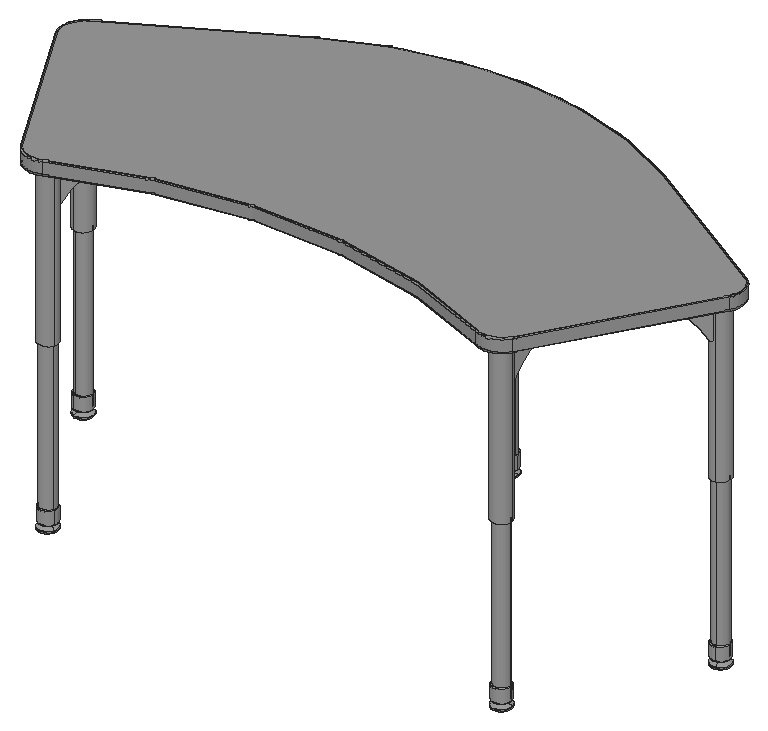
Revit family "Hierarchy Cheshire 60in Table", category Furniture, Revit 2018
Family settings
  Work Plane-Based = No
  Always vertical = Yes
  Cut with Voids When Loaded = No
  Shared = No
  Room Calculation Point = No
Parameters
  Table Height = 2' - 5"
  Surface = Hierarchy Cheshire 60" Table Surface
  Leg Finish = Hierarchy Leg Platinum
  Edgeband = Hierarchy Cheshire 60" Table Edgeband
  Caster/Glide = Hierarchy Leg - Glide : Hierarchy Leg - Glide
Reference planes (in)
  plane 1 "Center (Front/Back)": y = 0
  plane 2: z = 0
  plane 3 "Center (Left/Right)": x = 0
  plane 4: z = 29
Dimensions and locks (in)
  "Table Height": plane 4 to level
  aligned and locked: plane 2 to level
  aligned and locked: nested 4 to plane 4
Nested families (in)
  nested 1: "Hierarchy Leg - Glide" at (-20.08287, -15.83257, 0) x (-0.9534, 0.3016, 0) z (0, 0, 1), type <- "Caster/Glide", Leg Finish <- "Leg Finish", Leg Height <- "Table Height", type "Hierarchy Leg - Glide"
  nested 2: "Hierarchy Leg - Glide" at (-28.21557, -1.73743, 0) x (-0.2588, -0.9659, 0) z (0, 0, 1), type <- "Caster/Glide", Leg Finish <- "Leg Finish", Leg Height <- "Table Height", type "Hierarchy Leg - Glide"
  nested 3: "Hierarchy Leg - Glide" at (0, 10.05727, 0) x (-1, 0, 0) z (0, 0, 1), Leg Finish <- "Leg Finish", Leg Height <- "Table Height", type "Hierarchy Leg - Glide"
    with Leg Height 2' - 5", Leg Finish Hierarchy Leg Platinum
  nested 4: "Hierarchy Cheshire 60in Tabletop" at (0, 0, 5.075), type "Hierarchy Cheshire 60in Tabletop"
  nested 5: "Hierarchy Leg - Glide" at (20.08287, -15.83257, 0) x (0.9534, 0.3016, 0) z (0, 0, 1), Leg Finish <- "Leg Finish", Leg Height <- "Table Height", type "Hierarchy Leg - Glide"
  nested 6: "Hierarchy Leg - Glide" at (28.21557, -1.73743, 0) x (0.2588, -0.9659, 0) z (0, 0, 1), Leg Finish <- "Leg Finish", Leg Height <- "Table Height", type "Hierarchy Leg - Glide"
Definition of nested family "Hierarchy Leg - Glide"
  Parameters (values of type "Hierarchy Leg - Glide")
    Leg Finish [instance] = none
    Leg Height [instance] = 2' - 5"
  Reference planes (in)
    plane 1 "Center (Front/Back)": y = 0
    plane 2: z = 0
    plane 3 "Center (Left/Right)": x = 0
  Forms (in)
    Extrusion 1, solid
      sketch origin (-0.01562, 0, 0) x (1, 0, 0) y (0, 1, 0)
        loop
          circle (0.01563, 0) r 0.67016
      from 0.67618 to 16.17618
    Revolve 2, solid
      sketch origin (0, 0, 0) x (1, 0, 0) y (0, 0, 1)
        loop
          line (-0.73189, 1.80118) -> (-0.79439, 1.73867) -> (-0.79439, 0.61381) -> (-0.73176, 0.55118) -> (-0.125, 0.55118) -> (-0.125, 0.42618) -> (-0.84656, 0.16241) -> (-0.84656, 0.08994) -> (-0.81359, 0) -> (0, 0) -> (0, 1.80118) -> (-0.73189, 1.80118)
        axis (0, 1.80118) -> (0, 0)
      angle from 0 to 360
  Dimensions and locks (in)
    "Leg Height": nested 1 to level
    aligned and locked: plane 2 to level
  Automatic sketch dimensions
    plane 1 "Center (Front/Back)" to Extrusion 1 sketch curve = 0' - 0"
    Extrusion 1 sketch curve to plane 3 "Center (Left/Right)" = 0' - 0"
    Revolve 2 sketch curve to level = 0' - 0"
    Revolve 2 sketch curve to plane 3 "Center (Left/Right)" = 0' - 0"  (x2)
    Revolve 2 sketch curve to plane 3 "Center (Left/Right)" = 0' - 0 1/8"
    Revolve 2 sketch curve to Revolve 2 sketch curve = 0' - 0.60676"
    Revolve 2 sketch curve to Revolve 2 sketch curve = 0' - 0.73189"
    Revolve 2 sketch curve to Revolve 2 sketch curve = 0' - 0.06263"  (x2)
    Revolve 2 sketch curve to Revolve 2 sketch curve = 0' - 0.08183"
    Revolve 2 sketch curve to Revolve 2 sketch curve = 0' - 0.03297"
    level to Revolve 2 sketch curve = 0' - 0.08994"
    Revolve 2 sketch curve to Revolve 2 sketch curve = 0' - 0.07247"
    level to Revolve 2 sketch curve = 0' - 0.42618"
    Revolve 2 sketch curve to Revolve 2 sketch curve = 0' - 0 1/8"
    Revolve 2 sketch curve to Revolve 2 sketch curve = 0' - 1.12486"
    Revolve 2 sketch curve to Revolve 2 sketch curve = 0' - 0 1/16"
    Revolve 2 sketch curve to level = 2' - 0"
    Revolve 2 sketch curve to Revolve 2 sketch curve = 8' - 4.91764"
    radius of Extrusion 1 sketch curve = 0' - 0.67016"
  Nested families (in)
    nested 1: "Hierarchy Upper Leg 2023" at (0, 0, 1.19783), Shapes Leg Finish <- "Leg Finish", type "Hierarchy Upper Leg 2023"
      with Shapes Leg Finish none
  Definition of nested family "Hierarchy Upper Leg 2023"
    Parameters (values of type "Hierarchy Upper Leg 2023")
      Shapes Leg Finish [instance] = none
    Reference planes (in)
      plane 1 "Center (Front/Back)": y = 0
      plane 2: z = 0
      plane 3 "Center (Left/Right)": x = 0
    Forms (in)
      Extrusion 1, solid, material <- "Shapes Leg Finish"
        sketch origin (0, 0, 0) x (1, 0, 0) y (0, 1, 0)
          loop
            circle (0, 0) r 0.84802
        from 13.67618 to 27.67618
      Extrusion 2, solid, material <- "Shapes Leg Finish"
        sketch origin (0, 0, 0) x (1, 0, 0) y (0, 1, 0)
          loop
            line (-1.70174, 0.19183) -> (-2.88626, -2.26116)
            arc (-2.88626, -2.26116) -> (-2.83993, -3.09822) -> (-2.1063, -3.50394) r 0.86614
            line (-2.1063, -3.50394) -> (2.1063, -3.50394)
            arc (2.1063, -3.50394) -> (2.83993, -3.09822) -> (2.88626, -2.26116) r 0.86614
            line (2.88626, -2.26116) -> (1.70174, 0.19183)
            arc (1.70174, 0.19183) -> (0, 1.25984) -> (-1.70174, 0.19183) r 1.88976
        from 27.67618 to 27.80217
      Extrusion 3, solid, material <- "Shapes Leg Finish"
        sketch origin (-1.48519, 8.66524, 0) x (-0.434844, 0.900506, 0) y (0, 0, 1)
          loop
            line (-9.01425, 27.67618) -> (-11.80952, 27.67618)
            arc (-11.80952, 27.67618) -> (-11.92325, 27.58993) -> (-11.87088, 27.45715) r 0.11811
            arc (-11.87088, 27.45715) -> (-10.39364, 26.29679) -> (-9.23328, 24.81955) r 7.87402
            arc (-9.23328, 24.81955) -> (-9.1005, 24.76717) -> (-9.01425, 24.88091) r 0.11811
            line (-9.01425, 24.88091) -> (-9.01425, 27.67618)
        from -1.94075 to -1.81476
      Extrusion 4, solid, material <- "Shapes Leg Finish"
        sketch origin (1.48519, 8.66524, 0) x (0.434844, 0.900506, 0) y (0, 0, -1)
          loop
            line (-9.01425, -27.67618) -> (-9.01425, -24.88091)
            arc (-9.01425, -24.88091) -> (-9.1005, -24.76717) -> (-9.23328, -24.81955) r 0.11811
            arc (-9.23328, -24.81955) -> (-10.39364, -26.29679) -> (-11.87088, -27.45715) r 7.87402
            arc (-11.87088, -27.45715) -> (-11.92325, -27.58993) -> (-11.80952, -27.67618) r 0.11811
            line (-11.80952, -27.67618) -> (-9.01425, -27.67618)
        from -1.94075 to -1.81476
    Dimensions and locks (in)
      aligned and locked: plane 2 to level
Definition of nested family "Hierarchy Cheshire 60in Tabletop"
  Parameters (values of type "Hierarchy Cheshire 60in Tabletop")
    Surface = none
    Edgeband = none
  Reference planes (in)
    plane 1 "Center (Front/Back)": y = 0
    plane 2: z = 0
    plane 3 "Center (Left/Right)": x = 0
  Forms (in)
    Extrusion 1, solid, material <- "Surface"
      sketch origin (0, 0, 0) x (1, 0, 0) y (0, 1, 0)
        loop
          line (-29.74854, -2.73915) -> (-21.71174, -16.65929)
          arc (-21.71174, -16.65929) -> (-20.61511, -17.54024) -> (-19.21134, -17.45013) r 1.94279
          arc (-19.21134, -17.45013) -> (0, -13.20918) -> (19.21134, -17.45013) r 45.63382
          arc (19.21134, -17.45013) -> (20.61511, -17.54024) -> (21.71174, -16.65929) r 1.94279
          line (21.71174, -16.65929) -> (29.74854, -2.73915)
          arc (29.74854, -2.73915) -> (29.94262, -1.26492) -> (29.03742, -0.08525) r 1.94279
          line (29.03742, -0.08525) -> (15.56805, 7.6913)
          arc (15.56805, 7.6913) -> (0, 11.86275) -> (-15.56805, 7.6913) r 31.1361
          line (-15.56805, 7.6913) -> (-29.03742, -0.08525)
          arc (-29.03742, -0.08525) -> (-29.94262, -1.26492) -> (-29.74854, -2.73915) r 1.94279
      from 23.925 to 25.125
    Sweep 2, solid, material <- "Edgeband"
      path origin (0, 0, 0) x (1, 0, 0) y (0, 1, 0)
        loop
          line (-29.74854, -2.73915) -> (-21.71174, -16.65929)
          arc (-21.71174, -16.65929) -> (-20.61511, -17.54024) -> (-19.21134, -17.45013) r 1.94279
          arc (-19.21134, -17.45013) -> (0, -13.20918) -> (19.21134, -17.45013) r 45.63382
          arc (19.21134, -17.45013) -> (20.61511, -17.54024) -> (21.71174, -16.65929) r 1.94279
          line (21.71174, -16.65929) -> (29.74854, -2.73915)
          arc (29.74854, -2.73915) -> (29.94262, -1.26492) -> (29.03742, -0.08525) r 1.94279
          line (29.03742, -0.08525) -> (15.56805, 7.6913)
          arc (15.56805, 7.6913) -> (0, 11.86275) -> (-15.56805, 7.6913) r 31.1361
          line (-15.56805, 7.6913) -> (-29.03742, -0.08525)
          arc (-29.03742, -0.08525) -> (-29.94262, -1.26492) -> (-29.74854, -2.73915) r 1.94279
      profile origin (-25.73014, -9.69922, 0) x (0.866025, 0.5, 0) y (0, 0, 1)
        loop
          arc (0, 25.125) -> (-0.07071, 25.09571) -> (-0.1, 25.025) r 0.1
          line (-0.1, 25.025) -> (-0.1, 24.025)
          arc (-0.1, 24.025) -> (-0.07071, 23.95429) -> (0, 23.925) r 0.1
          line (0, 23.925) -> (0, 25.125)
  Dimensions and locks (in)
    aligned and locked: plane 2 to level
